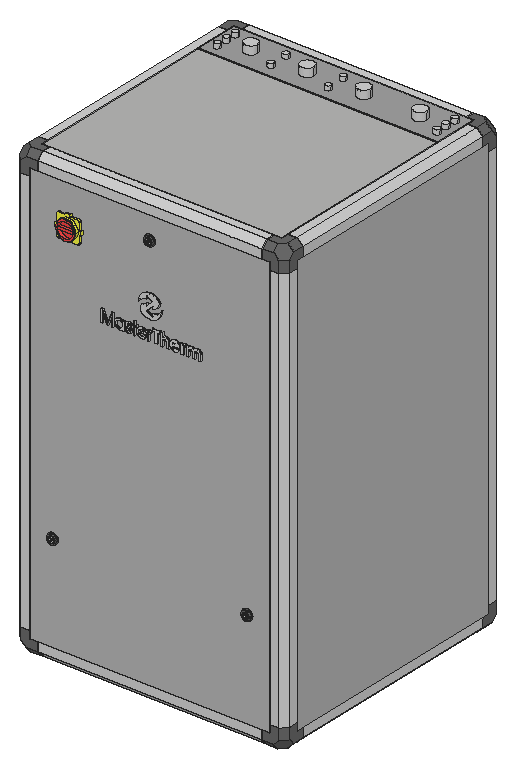
Revit family "AquaMaster-Inverter_ENG-RFA-2022", category Mechanické zařízení, Revit 2022
Family settings
  Kóta kulaté spojky = Použít průměr
  Typ dílu = Normální
  Číslo OmniClass = 23.75.00.00
  Nadpis OmniClass = Climate Control (HVAC)
  Založené na pracovní rovině = Ne
  Vždy vertikální = Ano
  Ořezat dutým tvarem při načtení = Ne
  Zachovat orientaci poznámky = Ne
  Sdílené = Ne
  Bod výpočtu místnosti = Ne
Parameters (values of type "AQ90I")
  Výrobce = "Master Therm"  # constant formula
  Výchozí výška = 0.00 mm
  URL = "https://www.mastertherm.eu/aquamaster-inverter-heat-pump"
  Popis = "Ground-to-water heat pump"  # constant formula
  Model = if(MT_TYPE = 17, "AquaMaster Inverter 17I", if(MT_TYPE = 22, "AquaMaster Inverter 22I", if(MT_TYPE = 26, "AquaMaster Inverter 26I", if(MT_TYPE = 30, "AquaMaster Inverter 30I", if(MT_TYPE = 37, "AquaMaster Inverter 37I", if(MT_TYPE = 45, "AquaMaster Inverter 45I", if(MT_TYPE = 60, "AquaMaster Inverter 60I", "AquaMaster Inverter 90I")))))))  # "AquaMaster Inverter 90I"
  MT_weight (kg) = if(MT_TYPE = 17, 60, if(MT_TYPE = 22, 160, if(MT_TYPE = 26, 160, if(MT_TYPE = 30, 160, if(MT_TYPE = 37, 165, if(MT_TYPE = 45, 170, if(MT_TYPE = 60, 190, 210)))))))  # 210
  MT_voltage (V) = if(MT_TYPE < 37, 230 V, 400 V)  # 400 V
  MT_service space_YES [instance] = no
  MT_pipe mat = MT_angle-corner
  MT_pipe connector mat = MT_RGB-130-130-130
  MT_max. current, incl. aux. heater (A) = if(or(MT_TYPE = 17, MT_TYPE = 22), 16 A, if(MT_TYPE = 26, 20 A, if(MT_TYPE = 30, 25 A, if(MT_TYPE = 37, 22 A, if(MT_TYPE = 45, 28 A, if(MT_TYPE = 60, 35 A, 50 A))))))  # 50 A
  MT_frequency (Hz) = 50 Hz  # constant formula
  MT_desuperheater – inlet [instance] = 0.0 L/s
  MT_desuperheater – outlet [instance] = 0.0 L/s
  MT_clearance top = MT_case height + 600.00 mm  # 1800.00 mm
  MT_clearance right = if(MT_case height = 800.00 mm, 600.00 mm, 400.00 mm)  # 400.00 mm
  MT_clearance left = if(MT_case height = 800.00 mm, 200.00 mm, 400.00 mm)  # 400.00 mm
  MT_clearance front = 600.00 mm  # constant formula
  MT_clearance back = 200.00 mm  # constant formula
  MT_apparent power = 0 VA  # constant formula
  MT_active power = 0 W  # constant formula
  MT_hot water – inlet [instance] = 0.0 L/s
  MT_upper vent grille offset_H = if(MT_case height = 1200.00 mm, 175.00 mm, 30.00 mm + MT_case width / 2)  # 175.00 mm
  MT_vent grille_YES = MT_TYPE < 90  # no
  MT_upper vent grille offset_V = if(MT_case height = 1200.00 mm, 200.00 mm, 150.00 mm)  # 200.00 mm
  MT_brine – inlet [instance] = 0.0 L/s
  MT_hot water – outlet [instance] = 0.0 L/s
  MT_power switch_YES = MT_TYPE > 17  # yes
  MT_pipe connector_X = if(MT_case height = 1200.00 mm, MT_case width - 2.00 mm * 40, MT_case height - 2.00 mm * 40)  # 636.00 mm
  MT_pipe connector offset = if(MT_case height = 1200.00 mm, MT_case width - 40.00 mm, MT_case height - 40.00 mm)  # 676.00 mm
  MT_pipe connector_Y = if(MT_case height = 1200.00 mm, 120.00 mm, 85.00 mm)  # 120.00 mm
  MT_pipe connector angle = if(MT_case height = 1200.00 mm, 0.00°, 90.00°)  # 0.00°
  MT_pivot offset = if(MT_case height = 1200.00 mm, 0.00 mm, MT_case width)  # 0.00 mm
  MT_lower vent grille_YES = MT_TYPE = 17  # no
  MT_lock offset_V = if(MT_case height = 1200.00 mm, 300.00 mm, 400.00 mm)  # 300.00 mm
  MT_desuperheater_YES = MT_TYPE = 90  # yes
  MT_desuperheater offset_X = MT_pipe connector_X / 2  # 318.00 mm
  MT_desuperheater diameter = if(MT_TYPE = 90, 15.00 mm, 0.00 mm)  # 15.00 mm
  MT_cover top_Y = MT_cover side_X  # 636.00 mm
  MT_cover top_X = MT_cover front_X  # 636.00 mm
  MT_cover side_Y = MT_cover front_Y  # 1120.00 mm
  MT_cover side_X = MT_case depth - 2.00 mm * 40  # 636.00 mm
  MT_cover front_Y = MT_case height - 2.00 mm * 40  # 1120.00 mm
  MT_cover front_X = MT_case width - 2.00 mm * 40  # 636.00 mm
  MT_upper center lock_YES = MT_TYPE > 17  # yes
  MT_case width = if(MT_TYPE < 90, 526.00 mm, 716.00 mm)  # 716.00 mm
  MT_case mat = MT_RAL9006
  MT_case height = if(MT_TYPE > 17, 1200.00 mm, 800.00 mm)  # 1200.00 mm
  MT_case depth = if(MT_TYPE > 17, 716.00 mm, 526.00 mm)  # 716.00 mm
  MT_angle offset = 60.00 mm  # constant formula
  MT_angle length_Z = MT_case height - 2 * MT_angle offset  # 1080.00 mm
  MT_angle length_Y = MT_case depth - 2 * MT_angle offset  # 596.00 mm
  MT_angle length_X = MT_case width - 2 * MT_angle offset  # 596.00 mm
  MT_brine – outlet [instance] = 0.0 L/s
  MT_TYPE = 90
  MT_EO offset_X = if(MT_case height = 800.00 mm, 100.00 mm, if(MT_case width = 716.00 mm, 393.00 mm, 273.00 mm))  # 393.00 mm
  MT_EO diameter = if(MT_TYPE < 45, 28.00 mm, 35.00 mm)  # 35.00 mm
  MT_EI offset_X = if(MT_case height = 800.00 mm, 320.00 mm, if(MT_case width = 716.00 mm, 543.00 mm, 373.00 mm))  # 543.00 mm
  MT_EI diameter = if(MT_TYPE < 45, 28.00 mm, 35.00 mm)  # 35.00 mm
  MT_EC6 offset_Y = MT_EC3 offset_Y  # 30.00 mm
  MT_EC6 offset_X = if(MT_case width = 716.00 mm, 608.00 mm, 421.00 mm)  # 608.00 mm
  MT_EC6_YES = MT_TYPE > 17  # yes
  MT_EC5 offset_Y = MT_EC2 offset_Y  # 60.00 mm
  MT_EC5 offset_X = if(MT_case height = 800.00 mm, 630.00 mm, if(MT_case width = 716.00 mm, 608.00 mm, 421.00 mm))  # 608.00 mm
  MT_EC4 offset_Y = MT_EC1 offset_Y  # 90.00 mm
  MT_EC4 offset_X = if(MT_case height = 800.00 mm, 560.00 mm, if(MT_case width = 716.00 mm, 608.00 mm, 421.00 mm))  # 608.00 mm
  MT_EC3 offset_Y = if(MT_case height = 1200.00 mm, 30.00 mm, 403.00 mm)  # 30.00 mm
  MT_EC3 offset_X = if(MT_case height = 1200.00 mm, 25.00 mm, 480.00 mm)  # 25.00 mm
  MT_EC2 offset_Y = if(MT_case height = 1200.00 mm, 60.00 mm, 403.00 mm)  # 60.00 mm
  MT_EC2 offset_X = if(MT_case height = 1200.00 mm, 25.00 mm, 410.00 mm)  # 25.00 mm
  MT_EC1 offset_Y = if(MT_case height = 1200.00 mm, 90.00 mm, 403.00 mm)  # 90.00 mm
  MT_EC1 offset_X = if(MT_case height = 1200.00 mm, 25.00 mm, 330.00 mm)  # 25.00 mm
  MT_EC-AQ90I_YES = MT_TYPE = 90  # yes
  MT_EC AQ17I_YES = MT_TYPE = 17  # no
  MT_CosPhi = 0  # constant formula
  MT_CO offset_X = if(MT_case height = 800.00 mm, 660.00 mm, if(MT_case width = 716.00 mm, 243.00 mm, 173.00 mm))  # 243.00 mm
  MT_CO diameter = if(MT_TYPE < 90, 28.00 mm, 35.00 mm)  # 35.00 mm
  MT_CI offset_X = if(MT_case height = 800.00 mm, 440.00 mm, if(MT_case width = 716.00 mm, 93.00 mm, 73.00 mm))  # 93.00 mm
  MT_CI diameter = if(MT_TYPE < 90, 28.00 mm, 35.00 mm)  # 35.00 mm
  Komentáře k typům = "COMPRESSOR: BLDC Inverter Scroll; 30 – 150 rps; charge of POE oil – 1.4 l; max. op. current – 35 A; EVAPORATOR: PHE; AISI316; water flow (W/W) – 3.64 kg/s; min. flow – 3.15 kg/s; brine flow (B/W) – 2.09 kg/s; min. flow – 1.26 kg/s; temp. difference – 3 K; int. volume – 5.1 l; pump ext. head – 5.0 m; pump motor – 310 W; CONDENSER: PHE; AISI316; water flow – 1.50 kg/s; min. flow – 1.12 kg/s; temp. difference – 5 K; int. volume – 4.1 l; pump ext. head – 8.0 m; pump motor – 310 W; REFRIGERANT CIRCUIT: R410a (4.0 kg); AUX. HEATER (optional): 7.5 kW; CONTROLS: controller – pCO5; EEV – 1+1 (EVI); water probe – yes; SHW probe/output – yes (2x); mixing probe/output – yes; outdoor probe – yes; dynamic set point – yes; refrigerant probe – 2xPT; POWER SUPPLY: 3x400 V; 50 Hz; max. current – 40 A; max. current, incl. aux. heater – 50 A; DIMENSIONS: hot water, brine – 5/4\", 5/4\" (OD); 120x72x72 cm; 210 kg; LIMITS: max. water overpress. – 0.25 MPa; max. refr. overpress. – 4.2 MPa; brine min./max.: -5/+20 °C; water min./max.: 20/60 °C"
  El. connection = if(MT_TYPE < 90, "2xPG16; 4xPG13.5", "2xPG21; 2xPG16; 4xPG13.5")  # "2xPG21; 2xPG16; 4xPG13.5"
  EO_brine – outlet = if(MT_TYPE < 45, "1'' (OD)", "5/4'' (OD)")  # "5/4'' (OD)"
  EI_brine – inlet = if(MT_TYPE < 45, "1'' (OD)", "5/4'' (OD)")  # "5/4'' (OD)"
  Desuperheater – inlet/outlet = if(MT_TYPE < 90, "not available", "2xCu Ø15 mm (ID)")  # "2xCu Ø15 mm (ID)"
  Cena = 0
  CO_hot water – outlet = if(MT_TYPE < 90, "1'' (OD)", "5/4'' (OD)")  # "5/4'' (OD)"
  COPYRIGHT = "© Master Therm tepelná čerpadla s. r. o."  # constant formula
  CI_hot water – inlet = if(MT_TYPE < 90, "1'' (OD)", "5/4'' (OD)")  # "5/4'' (OD)"
Reference planes
  plane 1 "Střed (vpředu/vzadu)": y = 0
  plane 2: z = 0
  plane 3 "Střed (vlevo/vpravo)": x = 0
  plane 4 "side_cover": x = 358
  plane 5: x = -358
  plane 6 "front_cover": y = -358
  plane 7: y = 358
  plane 8: z = 1200
  plane 9: z = 60
  plane 10: z = 1140
  plane 11: x = -298
  plane 12: x = 298
  plane 13: y = -298
  plane 14: y = 298
  plane 15: z = 600
  plane 16 "MT_pivot point": x = -358
Forms (mm)
  Extrusion 1, solid, material "MT_RAL9006" <- "MT_case mat"
    sketch origin (0, 0, 0) x (1, 0, 0) y (0, 1, 0)
      loop
        line (-318, 318) -> (-318, -318) -> (318, -318) -> (318, 318) -> (-318, 318)
    from 0 to 1200 <- "MT_case height"
  Extrusion 2, solid, material "MT_RAL9006" <- "MT_case mat"
    sketch origin (0, -358, 0) x (-1, 0, 0) y (0, 0, 1)
      loop
        line (318, 1160) -> (-318, 1160) -> (-318, 40) -> (318, 40) -> (318, 1160)
    from 0 to 716 <- "MT_case depth"
  Extrusion 3, solid, material "MT_RAL9006" <- "MT_case mat"
    sketch origin (-358, 660.254, 1200) x (0, 1, 0) y (0, 0, 1)
      loop
        line (-978.254, -40) -> (-978.254, -1160) -> (-342.254, -1160) -> (-342.254, -40) -> (-978.254, -40)
    from 0 to 716 <- "MT_case width"
Lines and regions (mm)
  reference lines
    curve 1: line (-358, 318, 1200) -> (982, 318, 1200)
    curve 2: line (-358, 318, 1200) -> (1702, 318, 1200)
    curve 3: line (-758, 558, 0) -> (758, 558, 0)
    curve 4: line (-758, -958, 0) -> (-758, 558, 0)
    curve 5: line (758, -958, 0) -> (-758, -958, 0)
    curve 6: line (758, 558, 0) -> (758, -958, 0)
    curve 7: line (-758, 558, 0) -> (-758, 558, 1800)
    curve 8: line (-758, 558, 1800) -> (758, 558, 1800)
    curve 9: line (758, 558, 0) -> (758, 558, 1800)
    curve 10: line (758, 558, 0) -> (758, 558, 1800)
    curve 11: line (758, 558, 1800) -> (758, -958, 1800)
    curve 12: line (758, -958, 0) -> (758, -958, 1800)
    curve 13: line (-758, 558, 1800) -> (-758, -958, 1800)
    curve 14: line (-758, -958, 0) -> (-758, -958, 1800)
    curve 15: line (-758, -958, 1800) -> (758, -958, 1800)
  model lines, style "MT_service space", visible <- "MT_service space_YES"
    curve 16: line (-758, -958, 1800) -> (758, -958, 1800)
    curve 17: line (-758, 558, 1800) -> (-758, -958, 1800)
    curve 18: line (-758, 558, 1800) -> (758, 558, 1800)
    curve 19: line (758, 558, 1800) -> (758, -958, 1800)
    curve 20: line (758, 558, 0) -> (758, -958, 0)
    curve 21: line (-758, 558, 0) -> (758, 558, 0)
    curve 22: line (758, -958, 0) -> (-758, -958, 0)
    curve 23: line (-758, -958, 0) -> (-758, 558, 0)
    curve 24: line (-758, -958, 0) -> (-758, -958, 1800)
    curve 25: line (-758, 558, 0) -> (-758, 558, 1800)
    curve 26: line (758, -958, 0) -> (758, -958, 1800)
    curve 27: line (758, 558, 0) -> (758, 558, 1800)
Dimensions and locks
  equal spacing: plane 5, plane 3 "Střed (vlevo/vpravo)", plane 4 "side_cover"
  "MT_case width": plane 5 to plane 4 "side_cover"
  equal spacing: plane 7, plane 1 "Střed (vpředu/vzadu)", plane 6 "front_cover"
  "MT_case depth": plane 7 to plane 6 "front_cover"
  "MT_case height": plane 8 to plane 2
  "MT_angle offset": plane 9 to plane 2
  "MT_angle offset": plane 8 to plane 10
  "MT_angle offset": plane 11 to plane 5
  "MT_angle offset": plane 4 "side_cover" to plane 12
  "MT_angle offset": plane 13 to plane 6 "front_cover"
  "MT_angle offset": plane 7 to plane 14
  equal spacing: Extrusion 1 sketch curve, plane 3 "Střed (vlevo/vpravo)", Extrusion 1 sketch curve
  "MT_cover top_X": Extrusion 1 sketch curve to Extrusion 1 sketch curve
  equal spacing: nested 17, plane 1 "Střed (vpředu/vzadu)", Extrusion 1 sketch curve
  "MT_cover top_Y": nested 17 to Extrusion 1 sketch curve
  equal spacing: Extrusion 2 sketch curve, plane 3 "Střed (vlevo/vpravo)", Extrusion 2 sketch curve
  "MT_cover front_X": Extrusion 2 sketch curve to Extrusion 2 sketch curve
  equal spacing: plane 8, plane 15, plane 2
  equal spacing: Extrusion 2 sketch curve, plane 15, Extrusion 2 sketch curve
  "MT_cover front_Y": Extrusion 2 sketch curve to Extrusion 2 sketch curve
  equal spacing: Extrusion 3 sketch curve, plane 15, Extrusion 3 sketch curve
  "MT_cover side_Y": Extrusion 3 sketch curve to Extrusion 3 sketch curve
  "MT_cover side_X": Extrusion 3 sketch curve to Extrusion 3 sketch curve
  equal spacing: Extrusion 3 sketch curve, plane 1 "Střed (vpředu/vzadu)", Extrusion 3 sketch curve
  locked: plane 8 to nested 24 at 100
  "MT_lock offset_V": nested 25 to plane 2
  locked: nested 25 to plane 5 at 100
  locked: plane 4 "side_cover" to nested 26 at 100
  "MT_lock offset_V": nested 26 to plane 2
  locked: nested 21 to plane 8 at 340
  "MT_upper vent grille offset_V": nested 22 to plane 8
  locked: nested 23 to plane 8 at 175
  "MT_upper vent grille offset_H": plane 4 "side_cover" to nested 22
  locked: nested 23 to plane 5 at 175
  "MT_pivot offset": plane 16 "MT_pivot point" to plane 5
  curve 1 to plane 8 = 0.00 mm
  "MT_pipe connector offset": nested 28 to curve 2
  "MT_clearance right": plane 4 "side_cover" to curve 6
  "MT_clearance left": curve 4 to plane 5
  "MT_clearance back": plane 7 to curve 3
  "MT_clearance front": plane 6 "front_cover" to curve 5
  "MT_clearance top": curve 15 to plane 2
  "MT_pipe connector angle": angle curve 2 to curve 1
  aligned and locked: level to plane 2
  aligned and locked: plane 7 to nested 2
  aligned and locked: plane 5 to nested 2
  aligned and locked: plane 6 "front_cover" to nested 3
  aligned and locked: nested 3 to plane 5
  aligned and locked: nested 4 to plane 4 "side_cover"
  aligned and locked: nested 4 to plane 6 "front_cover"
  aligned and locked: plane 4 "side_cover" to nested 5
  aligned and locked: nested 5 to plane 7
  aligned and locked: plane 6 "front_cover" to nested 1
  aligned and locked: nested 1 to plane 5
  aligned and locked: nested 6 to plane 6 "front_cover"
  aligned and locked: nested 6 to plane 4 "side_cover"
  aligned and locked: nested 7 to plane 7
  aligned and locked: plane 4 "side_cover" to nested 7
  aligned and locked: plane 5 to nested 8
  aligned and locked: plane 7 to nested 8
  aligned and locked: plane 8 to nested 6
  aligned and locked: plane 8 to nested 7
  aligned and locked: plane 8 to nested 1
  aligned and locked: plane 8 to nested 8
  aligned and locked: plane 2 to nested 9
  aligned and locked: plane 2 to nested 10
  aligned and locked: plane 2 to nested 11
  aligned and locked: plane 2 to nested 12
  aligned and locked: nested 3 to plane 9
  aligned and locked: nested 2 to plane 9
  aligned and locked: nested 4 to plane 9
  aligned and locked: nested 5 to plane 9
  aligned and locked: nested 13 to plane 11
  aligned and locked: plane 2 to nested 13
  aligned and locked: nested 14 to plane 11
  aligned and locked: plane 8 to nested 14
  aligned and locked: nested 13 to plane 6 "front_cover"
  aligned and locked: plane 6 "front_cover" to nested 14
  aligned and locked: nested 15 to plane 13
  aligned and locked: nested 15 to plane 4 "side_cover"
  aligned and locked: plane 4 "side_cover" to nested 16
  aligned and locked: nested 16 to plane 13
  aligned and locked: plane 2 to nested 16
  aligned and locked: plane 11 to nested 18
  aligned and locked: plane 7 to nested 18
  aligned and locked: plane 11 to nested 17
  aligned and locked: nested 17 to plane 7
  aligned and locked: nested 18 to plane 8
  aligned and locked: nested 17 to plane 2
  aligned and locked: plane 13 to nested 20
  aligned and locked: plane 13 to nested 19
  aligned and locked: nested 19 to plane 5
  aligned and locked: plane 5 to nested 20
  aligned and locked: nested 19 to plane 8
  aligned and locked: nested 20 to plane 2
  aligned and locked: nested 9 to plane 6 "front_cover"
  aligned and locked: plane 6 "front_cover" to nested 10
  aligned and locked: nested 12 to plane 7
  aligned and locked: nested 11 to plane 7
  aligned and locked: plane 5 to nested 11
  aligned and locked: plane 5 to nested 9
  aligned and locked: nested 12 to plane 4 "side_cover"
  aligned and locked: nested 10 to plane 4 "side_cover"
  aligned and locked: plane 8 to nested 15
  aligned and locked: plane 3 "Střed (vlevo/vpravo)" to nested 21
  aligned and locked: plane 16 "MT_pivot point" to curve 1
  aligned and locked: curve 2 to nested 28
  aligned and locked: nested 28 to Extrusion 1
  aligned and locked: curve 8 to curve 15
  aligned and locked: curve 13 to curve 15
  aligned and locked: curve 11 to curve 15
  aligned and locked: curve 16 to curve 15
  aligned and locked: curve 17 to curve 13
  aligned and locked: curve 18 to curve 8
  aligned and locked: curve 19 to curve 11
  aligned and locked: curve 20 to curve 6
  aligned and locked: curve 21 to curve 3
  aligned and locked: curve 22 to curve 5
  aligned and locked: curve 23 to curve 4
  aligned and locked: curve 24 to curve 14
  aligned and locked: curve 25 to curve 7
  aligned and locked: curve 26 to curve 12
  aligned and locked: curve 27 to curve 10
Automatic sketch dimensions
  curve 13 to curve 4 = 0.00 mm  (x2)
  curve 14 to curve 4 = 0.00 mm
  curve 10 to curve 6 = 0.00 mm  (x2)
  curve 6 to curve 12 = 0.00 mm
  curve 12 to curve 6 = 0.00 mm
  curve 7 to curve 3 = 0.00 mm  (x2)
  curve 9 to curve 3 = 0.00 mm  (x2)
  curve 24 to curve 14 = 0.00 mm  (x2)
  curve 14 to curve 25 = 0.00 mm  (x2)
  curve 26 to curve 12 = 0.00 mm  (x2)
  curve 27 to curve 12 = 0.00 mm  (x2)
  plane 14 to Extrusion 1 sketch curve = 20.00 mm
  curve 5 to curve 15 = 0.00 mm  (x2)
Nested families
  nested 1: "MT_corner-cap" at (-298, -358, 1140) x (0, 1, 0) z (0, 0, 1), type "MT_corner-cap"
  nested 2: "MT_angle-cover" at (-358, 318, 60), MT_angle_lenght <- "MT_angle length_Z", type "MT_angle-cover"
    with MT_angle_lenght 1080.00 mm
  nested 3: "MT_angle-cover" at (-318, -358, 60) x (0, 1, 0) z (0, 0, 1), MT_angle_lenght <- "MT_angle length_Z", type "MT_angle-cover"
    with MT_angle_lenght 1080.00 mm
  nested 4: "MT_angle-cover" at (358, -318, 60) x (-1, 0, 0) z (0, 0, 1), MT_angle_lenght <- "MT_angle length_Z", type "MT_angle-cover"
    with MT_angle_lenght 1080.00 mm
  nested 5: "MT_angle-cover" at (318, 358, 60) x (0, -1, 0) z (0, 0, 1), MT_angle_lenght <- "MT_angle length_Z", type "MT_angle-cover"
    with MT_angle_lenght 1080.00 mm
  nested 6: "MT_corner-cap" at (358, -298, 1140) x (-1, 0, 0) z (0, 0, 1), type "MT_corner-cap"
  nested 7: "MT_corner-cap" at (298, 358, 1140) x (0, -1, 0) z (0, 0, 1), type "MT_corner-cap"
  nested 8: "MT_corner-cap" at (-358, 298, 1140), type "MT_corner-cap"
  nested 9: "MT_corner-cap" at (-298, -358, 60) x (0, 1, 0) z (0, 0, -1), type "MT_corner-cap"
  nested 10: "MT_corner-cap" at (358, -298, 60) x (-1, 0, 0) z (0, 0, -1), type "MT_corner-cap"
  nested 11: "MT_corner-cap" at (-358, 298, 60) x (1, 0, 0) z (0, 0, -1), type "MT_corner-cap"
  nested 12: "MT_corner-cap" at (298, 358, 60) x (0, -1, 0) z (0, 0, -1), type "MT_corner-cap"
  nested 13: "MT_angle-cover" at (-298, -318, 0) x (0, 0, 1) z (1, 0, 0), MT_angle_lenght <- "MT_angle length_X", type "MT_angle-cover"
    with MT_angle_lenght 596.00 mm
  nested 14: "MT_angle-cover" at (-298, -358, 1160) x (0, 1, 0) z (1, 0, 0), MT_angle_lenght <- "MT_angle length_X", type "MT_angle-cover"
    with MT_angle_lenght 596.00 mm
  nested 15: "MT_angle-cover" at (358, -298, 1160) x (-1, 0, 0) z (0, 1, 0), MT_angle_lenght <- "MT_angle length_Y", type "MT_angle-cover"
    with MT_angle_lenght 596.00 mm
  nested 16: "MT_angle-cover" at (318, -298, 0) x (0, 0, 1) z (0, 1, 0), MT_angle_lenght <- "MT_angle length_Y", type "MT_angle-cover"
    with MT_angle_lenght 596.00 mm
  nested 17: "MT_angle-cover" at (-298, 318, 0) x (0, 0, 1) z (1, 0, 0), MT_angle_lenght <- "MT_angle length_X", type "MT_angle-cover"
    with MT_angle_lenght 596.00 mm
  nested 18: "MT_angle-cover" at (-298, 358, 1160) x (0, -1, 0) z (1, 0, 0), MT_angle_lenght <- "MT_angle length_X", type "MT_angle-cover"
    with MT_angle_lenght 596.00 mm
  nested 19: "MT_angle-cover" at (-358, -298, 1160) x (1, 0, 0) z (0, 1, 0), MT_angle_lenght <- "MT_angle length_Y", type "MT_angle-cover"
    with MT_angle_lenght 596.00 mm
  nested 20: "MT_angle-cover" at (-318, -298, 0) x (0, 0, 1) z (0, 1, 0), MT_angle_lenght <- "MT_angle length_Y", type "MT_angle-cover"
    with MT_angle_lenght 596.00 mm
  nested 21: "MT_logo" at (-127.744, -358, 860) x (1, 0, 0) z (0, -1, 0), type "MT_logo"
  nested 22: "MT_vent-grille" at (183, -358, 1000) x (1, 0, 0) z (0, -1, 0), visible <- "MT_vent grille_YES", type "MT_vent-grille"
  nested 23: "MT_power-switch" at (-243, -358, 1025) x (1, 0, 0) z (0, -1, 0), visible <- "MT_power switch_YES", type "MT_power-switch"
  nested 24: "MT_case-lock" at (0, -358, 1100) x (1, 0, 0) z (0, -1, 0), visible <- "MT_upper center lock_YES", type "MT_case-lock"
  nested 25: "MT_case-lock" at (-258, -358, 300) x (1, 0, 0) z (0, -1, 0), type "MT_case-lock"
  nested 26: "MT_case-lock" at (258, -358, 300) x (-1, 0, 0) z (0, -1, 0), type "MT_case-lock"
  nested 27: "MT_vent-grille" at (-30, -358, 310) x (1, 0, 0) z (0, -1, 0), visible <- "MT_lower vent grille_YES", type "MT_vent-grille"
  nested 28: "MT_pipe connector" at (-318, 318, 1200), type "MT_pipe connector"
Connectors
  piping at (225, 258, 1221), diameter 35, driven by "MT_CI diameter", driven by "MT_hot water – inlet", driven by "CI_hot water – inlet"
    settings: on nested 28, index 1, connector inside diameter 609.60 mm, connector length 0.00 mm, flow factor 1, pipe flow 0.0 L/s, pressure drop 0.0 Pa, fitting loss kfactor 0, connector angle 0.00°, fixture units 0, engagement length 0.00 mm, angle of deflection 0.00°, flow configuration 2, flow direction 1, fitting loss method 0, system type 29, joint type 0, gender type 0, connector reference index -1, connector utility 0, adjustable connector no, is connector primary yes, connector description "5/4'' (OD)"
  piping at (75, 258, 1221), diameter 35, driven by "MT_CO diameter", driven by "MT_hot water – outlet", driven by "CO_hot water – outlet"
    settings: on nested 28, index 2, connector inside diameter 609.60 mm, connector length 0.00 mm, flow factor 1, pipe flow 0.0 L/s, pressure drop 0.0 Pa, fitting loss kfactor 0, connector angle 0.00°, fixture units 0, engagement length 0.00 mm, angle of deflection 0.00°, flow configuration 2, flow direction 2, fitting loss method 0, system type 29, joint type 0, gender type 0, connector reference index -1, connector utility 0, adjustable connector no, is connector primary no, connector description "5/4'' (OD)"
  piping at (0, 283, 1210), diameter 15, driven by "MT_desuperheater diameter", driven by "MT_desuperheater – outlet", driven by "Desuperheater – inlet/outlet"
    settings: on nested 28, index 3, connector inside diameter 609.60 mm, connector length 0.00 mm, flow factor 1, pipe flow 0.0 L/s, pressure drop 0.0 Pa, fitting loss kfactor 0, connector angle 0.00°, fixture units 0, engagement length 0.00 mm, angle of deflection 0.00°, flow configuration 2, flow direction 2, fitting loss method 0, system type 29, joint type 0, gender type 0, connector reference index -1, connector utility 0, adjustable connector no, is connector primary no, connector description "2xCu Ø15 mm (ID)"
  piping at (0, 233, 1210), diameter 15, driven by "MT_desuperheater diameter", driven by "MT_desuperheater – inlet", driven by "Desuperheater – inlet/outlet"
    settings: on nested 28, index 4, connector inside diameter 609.60 mm, connector length 0.00 mm, flow factor 1, pipe flow 0.0 L/s, pressure drop 0.0 Pa, fitting loss kfactor 0, connector angle 0.00°, fixture units 0, engagement length 0.00 mm, angle of deflection 0.00°, flow configuration 2, flow direction 1, fitting loss method 0, system type 29, joint type 0, gender type 0, connector reference index -1, connector utility 0, adjustable connector no, is connector primary no, connector description "2xCu Ø15 mm (ID)"
  piping at (-75, 258, 1221), diameter 35, driven by "MT_EO diameter", driven by "MT_brine – outlet", driven by "EO_brine – outlet"
    settings: on nested 28, index 5, connector inside diameter 609.60 mm, connector length 0.00 mm, flow factor 0, pipe flow 0.0 L/s, pressure drop 0.0 Pa, fitting loss kfactor 0, connector angle 0.00°, fixture units 0, engagement length 0.00 mm, angle of deflection 0.00°, flow configuration 1, flow direction 2, fitting loss method 0, system type 29, joint type 0, gender type 0, connector reference index -1, connector utility 0, adjustable connector no, is connector primary no, connector description "5/4'' (OD)"
  piping at (-225, 258, 1221), diameter 35, driven by "MT_EI diameter", driven by "MT_brine – inlet", driven by "EI_brine – inlet"
    settings: on nested 28, index 6, connector inside diameter 609.60 mm, connector length 0.00 mm, flow factor 0, pipe flow 0.0 L/s, pressure drop 0.0 Pa, fitting loss kfactor 0, connector angle 0.00°, fixture units 0, engagement length 0.00 mm, angle of deflection 0.00°, flow configuration 1, flow direction 1, fitting loss method 0, system type 29, joint type 0, gender type 0, connector reference index -1, connector utility 0, adjustable connector no, is connector primary no, connector description "5/4'' (OD)"
  electrical at (293, 228, 1211), driven by "MT_voltage (V)", driven by "MT_apparent power", driven by "MT_CosPhi", driven by "El. connection"
    settings: on nested 28, index 7, voltage 400 V, apparent load 0 VA, apparent load phase1 0 VA, apparent load phase2 0 VA, apparent load phase3 0 VA, power factor 0, load classification "Další", number of poles 1, system type 30, power factor state 1, is connector primary yes, connector utility no, sub classification motor no, connector description "2xPG21; 2xPG16; 4xPG13.5"
Definition of nested family "MT_corner-cap"
  Parameters (values of type "MT_corner-cap")
    Default Elevation = 0.00 mm
    MT_corner-cap = none
  Reference planes
    plane 1 "Střed (vpředu/vzadu)": y = 0
    plane 2: z = 0
    plane 3 "Střed (vlevo/vpravo)": x = 0
    plane 4: y = 44
    plane 5: x = 16
    plane 6 "cp1": through (-50.749, 80.749, 1200) normal (0.7071, 0.7071, 0)
    plane 7: through (30, 44, 1200) normal (0.7071, -0.7071, 0)
  Forms (mm)
    Extrusion 1, solid, material <- "MT_corner-cap"
      sketch origin (0, 0, 0) x (1, 0, 0) y (0, 1, 0)
        loop
          line (60, 60) -> (0, 60) -> (0, 0) -> (60, 0) -> (60, 60)
      from 0 to 60
    Extrusion 2, void
      sketch origin (0, 0, 0) x (1, 0, 0) y (0, 1, 0)
        loop
          line (40, 20) -> (40, 0) -> (60, 0) -> (60, 20) -> (40, 20)
      from 0 to 60
    Extrusion 3, void
      sketch origin (0, 0, 0) x (1, 0, 0) y (0, 0, 1)
        loop
          line (16, 60) -> (0, 60) -> (0, 44) -> (16, 60)
      from 0 to -60
    Extrusion 4, void
      sketch origin (0, 0, 0) x (0, 1, 0) y (0, 0, 1)
        loop
          line (44, 60) -> (60, 44) -> (60, 60) -> (44, 60)
      from 0 to 60
    Extrusion 5, void
      sketch origin (0, 0, 0) x (1, 0, 0) y (0, 1, 0)
        loop
          line (16, 60) -> (0, 60) -> (0, 44) -> (16, 60)
      from 0 to 60
    Extrusion 6, void
      sketch origin (0, 0, 0) x (0, 1, 0) y (0, 0, 1)
        loop
          line (0, 0) -> (20, 0) -> (20, 20) -> (0, 20) -> (0, 0)
      from 0 to 60
    Extrusion 7, void
      sketch origin (0, 0, 0) x (1, 0, 0) y (0, 0, 1)
        loop
          line (60, 0) -> (60, 20) -> (40, 20) -> (40, 0) -> (60, 0)
      from 0 to -60
    Extrusion 8, void
      sketch origin (15, 15, 0) x (-0.707107, 0.707107, 0) y (0, 0, 1)
        loop
          line (9.899, 60) -> (31.113, 29.704) -> (31.113, 60) -> (9.899, 60)
      from -50 to 60
  Cuts and joins
    Extrusion 2, Extrusion 3, Extrusion 4, Extrusion 5, Extrusion 6, Extrusion 7, Extrusion 8 cuts Extrusion 1
  Dimensions and locks
    aligned and locked: level to plane 2
Definition of nested family "MT_angle-cover"
  Parameters (values of type "MT_angle-cover")
    Default Elevation = 0.00 mm
    MT_angle_lenght [instance] = 500.00 mm
    MT_angle-corner = none
  Reference planes
    plane 1 "Střed (vpředu/vzadu)": y = 0
    plane 2: z = 0
    plane 3 "Střed (vlevo/vpravo)": x = 0
    plane 4: through (2.328, 26.328, 1200) normal (-0.7071, 0.7071, 0)
    plane 5: z = 500
  Forms (mm)
    Extrusion 1, solid, material <- "MT_angle-corner"
      sketch origin (0, 0, 0) x (1, 0, 0) y (0, 1, 0)
        loop
          line (40, 0) -> (40, 40) -> (0, 40) -> (0, 0) -> (40, 0)
      from 0 to 500
    Extrusion 2, void
      sketch origin (0, 0, 0) x (1, 0, 0) y (0, 1, 0)
        loop
          line (16, 40) -> (0, 40) -> (0, 24) -> (16, 40)
      from 0 to 500
  Cuts and joins
    Extrusion 2 cuts Extrusion 1
  Dimensions and locks
    "MT_angle_lenght": plane 5 to plane 2
    aligned and locked: level to plane 2
    aligned and locked: plane 5 to cut or joined group of Extrusion 1, Extrusion 2
    aligned and locked: Extrusion 1 to Extrusion 2
  Automatic sketch dimensions
    plane 1 "Střed (vpředu/vzadu)" to Extrusion 1 sketch curve = 0.00 mm
    Extrusion 1 sketch curve to plane 3 "Střed (vlevo/vpravo)" = 0.00 mm
    plane 3 "Střed (vlevo/vpravo)" to Extrusion 1 sketch curve = 40.00 mm
    Extrusion 1 sketch curve to plane 1 "Střed (vpředu/vzadu)" = 40.00 mm
    Extrusion 2 sketch curve to plane 3 "Střed (vlevo/vpravo)" = 0.00 mm
    Extrusion 2 sketch curve to plane 4 = 0.00 mm  (x2)
    plane 3 "Střed (vlevo/vpravo)" to Extrusion 2 sketch curve = 16.00 mm
Definition of nested family "MT_logo"
  Parameters (values of type "MT_logo")
    Default Elevation = 1219.20 mm
    MT_logo_thickness = 2.00 mm  # constant formula
    MT_logo-mat = none
  Reference planes
    plane 1 "Střed (vpředu/vzadu)": y = 0
    plane 2: z = 0
    plane 3 "Střed (vlevo/vpravo)": x = 0
    plane 4: z = 500
  Forms (mm)
    Extrusion 1, solid, material <- "MT_logo-mat"
      sketch origin (0, 0, 0) x (1, 0, 0) y (0, 1, 0)
        loop
          line (121.917, 83.115) -> (121.917, 89.033)
          spline (121.917, 89.033) -> (110.145, 82.837) -> (105.846, 77.019) -> (105.128, 68.563) -> (108.491, 61.778) -> (115.441, 56.783) -> (123.535, 53.995) -> (131.475, 53.389) -> (140.079, 54.8) -> (147.361, 58.494) -> (153.914, 64.28) -> (158.046, 70.722) -> (161.285, 84.245)
          spline (161.285, 84.245) -> (159.714, 81.035) -> (158.469, 78.973) -> (157.232, 77.31) -> (155.703, 75.688) -> (154.145, 74.345) -> (152.518, 73.263) -> (150.782, 72.272) -> (149.103, 71.471) -> (147.157, 70.679) -> (145.071, 69.992) -> (142.28, 69.29) -> (137.169, 68.49)
          line (137.169, 68.49) -> (137.169, 62.54) -> (122.426, 71.891) -> (137.508, 86.378) -> (137.508, 81.245)
          spline (137.508, 81.245) -> (148.499, 86.345) -> (153.768, 92.083) -> (155.179, 100.068) -> (150.966, 107.004) -> (143.87, 111.829) -> (136.075, 114.436) -> (127.817, 115.037) -> (119.6, 113.109) -> (112.274, 109.305) -> (106.232, 103.604) -> (102.088, 96.604) -> (99.294, 87.5)
          spline (99.294, 87.5) -> (101.565, 90.388) -> (102.94, 91.895) -> (104.349, 93.203) -> (105.825, 94.353) -> (107.436, 95.41) -> (109.18, 96.419) -> (110.713, 97.202) -> (112.43, 97.92) -> (114.46, 98.648) -> (116.41, 99.244) -> (118.729, 99.788) -> (122.07, 100.334)
          line (122.07, 100.334) -> (122.07, 105.76) -> (137.041, 97.426) -> (121.917, 83.115)
        loop
          line (0, 1.019) -> (3.59, 1.019) -> (3.59, 28.94) -> (14.436, 1.019) -> (17.898, 1.019) -> (28.975, 28.825) -> (28.975, 1.019) -> (32.206, 1.019) -> (32.206, 33.78) -> (27.245, 33.78) -> (16.398, 6.228) -> (5.274, 33.78) -> (0, 33.78) -> (0, 1.019)
        loop
          spline (48.751, 23.273) -> (46.388, 22.939) -> (44.186, 21.958) -> (42.296, 20.397) -> (40.845, 18.364) -> (39.933, 15.995) -> (39.622, 13.454) -> (39.933, 10.912) -> (40.845, 8.544) -> (42.296, 6.51) -> (44.186, 4.95) -> (46.388, 3.969) -> (48.751, 3.634)
          spline (48.751, 3.634) -> (51.114, 3.969) -> (53.316, 4.95) -> (55.207, 6.51) -> (56.657, 8.544) -> (57.57, 10.912) -> (57.881, 13.454) -> (57.57, 15.995) -> (56.657, 18.364) -> (55.207, 20.397) -> (53.316, 21.958) -> (51.114, 22.939) -> (48.751, 23.273)
        loop
          line (57.881, 4.324) -> (57.881, 1.019) -> (61.48, 1.019) -> (61.48, 25.889) -> (57.881, 25.889) -> (57.881, 22.583)
          arc (57.881, 22.583) -> (35.84, 13.454) -> (57.881, 4.324) r 12.911
        loop
          line (86.125, 22.492) -> (86.125, 1.019) -> (89.717, 1.019) -> (89.717, 22.492) -> (94.365, 22.492) -> (94.365, 25.974) -> (89.717, 25.974) -> (89.717, 33.78) -> (86.125, 33.78) -> (86.125, 25.974) -> (81.583, 25.974) -> (81.583, 22.492) -> (86.125, 22.492)
        loop
          spline (120.897, 12.309) -> (120.024, 18.831) -> (116.177, 24.119) -> (110.308, 26.865) -> (103.866, 26.393) -> (98.443, 22.817) -> (95.38, 17.023) -> (95.433, 10.441) -> (98.589, 4.698) -> (104.069, 1.214) -> (110.518, 0.85) -> (116.342, 3.694) -> (120.103, 9.046)
          line (120.103, 9.046) -> (115.947, 9.046)
          arc (115.947, 9.046) -> (106.228, 4.674) -> (98.794, 12.309) r 9.292
          line (98.794, 12.309) -> (120.897, 12.309)
        loop
          arc (117.067, 15.67) -> (107.965, 23.094) -> (98.863, 15.67) r 9.292
          line (98.863, 15.67) -> (117.067, 15.67)
        loop
          line (127.532, 23.758) -> (127.532, 25.763) -> (124.152, 25.763) -> (124.152, 1.019) -> (127.744, 1.019) -> (127.744, 17.742)
          arc (127.744, 17.742) -> (129.492, 21.42) -> (133.448, 22.386) r 4.742
          line (133.448, 22.386) -> (133.448, 26.185)
          arc (133.448, 26.185) -> (130.172, 25.746) -> (127.532, 23.758) r 6.521
        loop
          line (142.488, 27.585) -> (142.488, 1.019) -> (149.221, 1.019) -> (149.221, 27.585) -> (155.139, 27.585) -> (155.139, 33.78) -> (136.199, 33.78) -> (136.199, 27.585) -> (142.488, 27.585)
        loop
          line (163.722, 23.699) -> (163.722, 33.78) -> (157.581, 33.78) -> (157.581, 1.019) -> (163.722, 1.019) -> (163.722, 15.196) -> (164.016, 16.209) -> (164.307, 17.043)
          spline (164.307, 17.043) -> (165.574, 19.017) -> (166.288, 19.627) -> (167.046, 19.939) -> (167.922, 20.095) -> (168.858, 20.117) -> (169.737, 20.047) -> (170.514, 19.896) -> (171.213, 19.639) -> (171.861, 19.183) -> (172.492, 18.376) -> (173.129, 16.993) -> (173.784, 14.722)
          line (173.784, 14.722) -> (173.784, 1.019) -> (179.925, 1.019) -> (179.925, 17.901) -> (179.719, 18.903) -> (179.478, 19.785) -> (179.206, 20.559)
          spline (179.206, 20.559) -> (177.54, 23.133) -> (176.649, 24.126) -> (175.805, 24.812) -> (174.74, 25.392) -> (173.552, 25.805) -> (172.356, 26.102) -> (171.177, 26.31) -> (169.954, 26.379) -> (168.782, 26.283) -> (167.632, 25.964) -> (166.13, 25.259) -> (163.722, 23.699)
        loop
          line (201.474, 9.046) -> (208.133, 9.046)
          arc (208.133, 9.046) -> (182.997, 16.783) -> (208.746, 11.428) r 13.164
          line (208.746, 11.428) -> (189.256, 11.428)
          arc (189.256, 11.428) -> (194.561, 6.116) -> (201.474, 9.046) r 6.713
        loop
          arc (218.123, 16.511) -> (220.269, 19.589) -> (223.891, 20.572) r 5.496
          line (223.891, 20.572) -> (223.891, 26.204)
          arc (223.891, 26.204) -> (220.639, 25.706) -> (217.926, 23.846) r 7.389
          line (217.926, 23.846) -> (217.926, 25.877) -> (212.223, 25.877) -> (212.223, 1.019) -> (218.123, 1.019) -> (218.123, 16.511)
        loop
          line (247.851, 22.442) -> (246.299, 24.112) -> (244.867, 25.185) -> (242.957, 26.02) -> (240.37, 26.418) -> (238.261, 26.418) -> (236.152, 26.02) -> (234.401, 25.145) -> (232.689, 23.615) -> (232.689, 26.083) -> (226.986, 26.083) -> (226.986, 1.019) -> (232.748, 1.019) -> (232.748, 14.448) -> (233.34, 17.357)
          spline (233.34, 17.357) -> (234.506, 19.355) -> (235.184, 19.986) -> (235.918, 20.326) -> (236.775, 20.516) -> (237.696, 20.576) -> (238.565, 20.544) -> (239.338, 20.427) -> (240.037, 20.203) -> (240.695, 19.781) -> (241.35, 19.012) -> (242.035, 17.676) -> (242.775, 15.466)
          line (242.775, 15.466) -> (242.86, 14.628) -> (242.86, 1.019) -> (248.975, 1.019) -> (248.975, 14.569) -> (249.557, 17.438)
          spline (249.557, 17.438) -> (250.835, 19.335) -> (251.546, 19.906) -> (252.3, 20.191) -> (253.167, 20.318) -> (254.083, 20.313) -> (254.93, 20.222) -> (255.671, 20.053) -> (256.335, 19.782) -> (256.987, 19.317) -> (257.707, 18.521) -> (258.378, 17.179) -> (258.676, 14.994)
          line (258.676, 14.994) -> (258.676, 1.019) -> (264.674, 1.019) -> (264.674, 17.434)
          arc (264.674, 17.434) -> (258.13, 26.21) -> (247.851, 22.442) r 9.157
        loop
          arc (202.325, 16.381) -> (195.967, 21.024) -> (189.609, 16.381) r 6.674
          line (189.609, 16.381) -> (202.325, 16.381)
        loop
          line (68.145, 9.214) -> (64.677, 9.214)
          spline (64.677, 9.214) -> (66.736, 2.941) -> (70.193, 0.755) -> (74.263, 0.624) -> (78.153, 2.473) -> (80.209, 6.016) -> (80.272, 10.226) -> (77.925, 13.665) -> (74.022, 15.517) -> (70.206, 17.334) -> (69.88, 21.172) -> (73.486, 23.019) -> (76.3, 19.489)
          line (76.3, 19.489) -> (80.206, 19.489)
          spline (80.206, 19.489) -> (78.17, 24.592) -> (74.379, 26.486) -> (70.2, 26.139) -> (66.87, 23.387) -> (65.595, 19.397) -> (66.987, 15.501) -> (70.465, 13.143) -> (74.571, 10.894) -> (76.598, 7.617) -> (74.259, 4.16) -> (70.271, 4.49) -> (68.145, 9.214)
      from 0 to 2 <- "MT_logo_thickness"
  Dimensions and locks
    plane 4 to plane 2 = 500.00 mm
    aligned and locked: level to plane 2
Definition of nested family "MT_vent-grille"
  Parameters (values of type "MT_vent-grille")
    Default Elevation = 0.00 mm
    MT_vent grille mat = none
  Reference planes
    plane 1 "Střed (vpředu/vzadu)": y = 0
    plane 2: z = 0
    plane 3 "Střed (vlevo/vpravo)": x = 0
    plane 4: y = 0
    plane 5: y = 0
    plane 6: y = 15
    plane 7: y = 30
    plane 8: y = 45
    plane 9: y = 60
    plane 10: y = 75
  Forms (mm)
    Revolve 1, solid, material <- "MT_vent grille mat"
      sketch origin (29.178, 0, 1200) x (1, 0, 0) y (0, 0, 1)
        loop
          arc (30.822, -1200) -> (26.978, -1196.222) -> (21.784, -1194.782) r 10.758
          line (21.784, -1194.782) -> (21.784, -1200) -> (30.822, -1200)
        axis (21.784, -1194.782) -> (21.784, -1200)
      angle from 0 to 90
    Extrusion 2, solid, material <- "MT_vent grille mat"
      sketch origin (0, 0, 0) x (0, 1, 0) y (0, 0, 1)
        loop
          line (0, 5.218) -> (0, 0) -> (9.038, 0)
          arc (9.038, 0) -> (5.194, 3.778) -> (0, 5.218) r 10.758
      from 9.038 to 50.962
    Revolve 3, solid, material <- "MT_vent grille mat"
      sketch origin (28.882, 0, 1200) x (1, 0, 0) y (0, 0, 1)
        loop
          line (-28.882, -1200) -> (-19.844, -1200) -> (-19.844, -1194.782)
          arc (-19.844, -1194.782) -> (-25.038, -1196.222) -> (-28.882, -1200) r 10.758
        axis (-19.844, -1194.782) -> (-19.844, -1200)
      angle from 0 to 90
    Revolve 4, solid, not visible
      sketch origin (29.178, 0, 1200) x (1, 0, 0) y (0, 0, 1)
        loop
          arc (30.822, -1200) -> (26.978, -1196.222) -> (21.784, -1194.782) r 10.758
          line (21.784, -1194.782) -> (21.784, -1200) -> (30.822, -1200)
        axis (21.784, -1194.782) -> (21.784, -1200)
      angle from 0 to 90
    Extrusion 5, solid, not visible
      sketch origin (0, 0, 0) x (0, 1, 0) y (0, 0, 1)
        loop
          line (0, 5.218) -> (0, 0) -> (9.038, 0)
          arc (9.038, 0) -> (5.194, 3.778) -> (0, 5.218) r 10.758
      from 9.038 to 50.962
    Revolve 6, solid, not visible
      sketch origin (28.882, 0, 1200) x (1, 0, 0) y (0, 0, 1)
        loop
          line (-28.882, -1200) -> (-19.844, -1200) -> (-19.844, -1194.782)
          arc (-19.844, -1194.782) -> (-25.038, -1196.222) -> (-28.882, -1200) r 10.758
        axis (-19.844, -1194.782) -> (-19.844, -1200)
      angle from 0 to 90
    Revolve 7, solid, material <- "MT_vent grille mat"
      sketch origin (29.178, 15, 1200) x (1, 0, 0) y (0, 0, 1)
        loop
          arc (30.822, -1200) -> (26.978, -1196.222) -> (21.784, -1194.782) r 10.758
          line (21.784, -1194.782) -> (21.784, -1200) -> (30.822, -1200)
        axis (21.784, -1194.782) -> (21.784, -1200)
      angle from 0 to 90
    Extrusion 8, solid, material <- "MT_vent grille mat"
      sketch origin (0, 15, 0) x (0, 1, 0) y (0, 0, 1)
        loop
          line (0, 5.218) -> (0, 0) -> (9.038, 0)
          arc (9.038, 0) -> (5.194, 3.778) -> (0, 5.218) r 10.758
      from 9.038 to 50.962
    Revolve 9, solid, material <- "MT_vent grille mat"
      sketch origin (28.882, 15, 1200) x (1, 0, 0) y (0, 0, 1)
        loop
          line (-28.882, -1200) -> (-19.844, -1200) -> (-19.844, -1194.782)
          arc (-19.844, -1194.782) -> (-25.038, -1196.222) -> (-28.882, -1200) r 10.758
        axis (-19.844, -1194.782) -> (-19.844, -1200)
      angle from 0 to 90
    Revolve 10, solid, material <- "MT_vent grille mat"
      sketch origin (29.178, 30, 1200) x (1, 0, 0) y (0, 0, 1)
        loop
          arc (30.822, -1200) -> (26.978, -1196.222) -> (21.784, -1194.782) r 10.758
          line (21.784, -1194.782) -> (21.784, -1200) -> (30.822, -1200)
        axis (21.784, -1194.782) -> (21.784, -1200)
      angle from 0 to 90
    Extrusion 11, solid, material <- "MT_vent grille mat"
      sketch origin (0, 30, 0) x (0, 1, 0) y (0, 0, 1)
        loop
          line (0, 5.218) -> (0, 0) -> (9.038, 0)
          arc (9.038, 0) -> (5.194, 3.778) -> (0, 5.218) r 10.758
      from 9.038 to 50.962
    Revolve 12, solid, material <- "MT_vent grille mat"
      sketch origin (28.882, 30, 1200) x (1, 0, 0) y (0, 0, 1)
        loop
          line (-28.882, -1200) -> (-19.844, -1200) -> (-19.844, -1194.782)
          arc (-19.844, -1194.782) -> (-25.038, -1196.222) -> (-28.882, -1200) r 10.758
        axis (-19.844, -1194.782) -> (-19.844, -1200)
      angle from 0 to 90
    Revolve 13, solid, material <- "MT_vent grille mat"
      sketch origin (29.178, 45, 1200) x (1, 0, 0) y (0, 0, 1)
        loop
          arc (30.822, -1200) -> (26.978, -1196.222) -> (21.784, -1194.782) r 10.758
          line (21.784, -1194.782) -> (21.784, -1200) -> (30.822, -1200)
        axis (21.784, -1194.782) -> (21.784, -1200)
      angle from 0 to 90
    Extrusion 14, solid, material <- "MT_vent grille mat"
      sketch origin (0, 45, 0) x (0, 1, 0) y (0, 0, 1)
        loop
          line (0, 5.218) -> (0, 0) -> (9.038, 0)
          arc (9.038, 0) -> (5.194, 3.778) -> (0, 5.218) r 10.758
      from 9.038 to 50.962
    Revolve 15, solid, material <- "MT_vent grille mat"
      sketch origin (28.882, 45, 1200) x (1, 0, 0) y (0, 0, 1)
        loop
          line (-28.882, -1200) -> (-19.844, -1200) -> (-19.844, -1194.782)
          arc (-19.844, -1194.782) -> (-25.038, -1196.222) -> (-28.882, -1200) r 10.758
        axis (-19.844, -1194.782) -> (-19.844, -1200)
      angle from 0 to 90
    Revolve 16, solid, material <- "MT_vent grille mat"
      sketch origin (29.178, 60, 1200) x (1, 0, 0) y (0, 0, 1)
        loop
          arc (30.822, -1200) -> (26.978, -1196.222) -> (21.784, -1194.782) r 10.758
          line (21.784, -1194.782) -> (21.784, -1200) -> (30.822, -1200)
        axis (21.784, -1194.782) -> (21.784, -1200)
      angle from 0 to 90
    Extrusion 17, solid, material <- "MT_vent grille mat"
      sketch origin (0, 60, 0) x (0, 1, 0) y (0, 0, 1)
        loop
          line (0, 5.218) -> (0, 0) -> (9.038, 0)
          arc (9.038, 0) -> (5.194, 3.778) -> (0, 5.218) r 10.758
      from 9.038 to 50.962
    Revolve 18, solid, material <- "MT_vent grille mat"
      sketch origin (28.882, 60, 1200) x (1, 0, 0) y (0, 0, 1)
        loop
          line (-28.882, -1200) -> (-19.844, -1200) -> (-19.844, -1194.782)
          arc (-19.844, -1194.782) -> (-25.038, -1196.222) -> (-28.882, -1200) r 10.758
        axis (-19.844, -1194.782) -> (-19.844, -1200)
      angle from 0 to 90
    Revolve 19, solid, material <- "MT_vent grille mat"
      sketch origin (29.178, 75, 1200) x (1, 0, 0) y (0, 0, 1)
        loop
          arc (30.822, -1200) -> (26.978, -1196.222) -> (21.784, -1194.782) r 10.758
          line (21.784, -1194.782) -> (21.784, -1200) -> (30.822, -1200)
        axis (21.784, -1194.782) -> (21.784, -1200)
      angle from 0 to 90
    Extrusion 20, solid, material <- "MT_vent grille mat"
      sketch origin (0, 75, 0) x (0, 1, 0) y (0, 0, 1)
        loop
          line (0, 5.218) -> (0, 0) -> (9.038, 0)
          arc (9.038, 0) -> (5.194, 3.778) -> (0, 5.218) r 10.758
      from 9.038 to 50.962
    Revolve 21, solid, material <- "MT_vent grille mat"
      sketch origin (28.882, 75, 1200) x (1, 0, 0) y (0, 0, 1)
        loop
          line (-28.882, -1200) -> (-19.844, -1200) -> (-19.844, -1194.782)
          arc (-19.844, -1194.782) -> (-25.038, -1196.222) -> (-28.882, -1200) r 10.758
        axis (-19.844, -1194.782) -> (-19.844, -1200)
      angle from 0 to 90
  Cuts and joins
    joined: Revolve 1, Extrusion 2, Revolve 3
    joined: Revolve 7, Extrusion 8, Revolve 9
    joined: Revolve 10, Extrusion 11, Revolve 12
    joined: Revolve 13, Extrusion 14, Revolve 15
    joined: Revolve 16, Extrusion 17, Revolve 18
    joined: Revolve 19, Extrusion 20, Revolve 21
  Dimensions and locks
    equal spacing: group 2, group 3, group 4, group 5, group 6, group 7  (x3)
    aligned and locked: level to plane 2
    aligned and locked: Extrusion 2 to Revolve 1
    aligned and locked: Extrusion 2 to Revolve 3
    aligned and locked: Extrusion 8 to Revolve 7
    aligned and locked: Extrusion 8 to Revolve 9
    aligned and locked: Extrusion 11 to Revolve 10
    aligned and locked: Extrusion 11 to Revolve 12
    aligned and locked: Extrusion 14 to Revolve 13
    aligned and locked: Extrusion 14 to Revolve 15
    aligned and locked: Extrusion 17 to Revolve 16
    aligned and locked: Extrusion 17 to Revolve 18
    aligned and locked: Extrusion 20 to Revolve 19
    aligned and locked: Extrusion 20 to Revolve 21
Definition of nested family "MT_power-switch"
  Parameters (values of type "MT_power-switch")
    Default Elevation = 0.00 mm
    MT_power-switch_Y = none
    MT_power-switch_R = none
  Reference planes
    plane 1 "Střed (vpředu/vzadu)": y = 0
    plane 2: z = 0
    plane 3 "Střed (vlevo/vpravo)": x = 0
    plane 4: y = 0
    plane 5: y = 1196.123
  Forms (mm)
    Revolve 1, solid, not visible
      sketch origin (29.178, 0, 1200) x (1, 0, 0) y (0, 0, 1)
        loop
          arc (30.822, -1200) -> (26.978, -1196.222) -> (21.784, -1194.782) r 10.758
          line (21.784, -1194.782) -> (21.784, -1200) -> (30.822, -1200)
        axis (21.784, -1194.782) -> (21.784, -1200)
      angle from 0 to 90
    Extrusion 2, solid, not visible
      sketch origin (0, 0, 0) x (0, 1, 0) y (0, 0, 1)
        loop
          line (0, 5.218) -> (0, 0) -> (9.038, 0)
          arc (9.038, 0) -> (5.194, 3.778) -> (0, 5.218) r 10.758
      from 9.038 to 50.962
    Revolve 3, solid, not visible
      sketch origin (28.882, 0, 1200) x (1, 0, 0) y (0, 0, 1)
        loop
          line (-28.882, -1200) -> (-19.844, -1200) -> (-19.844, -1194.782)
          arc (-19.844, -1194.782) -> (-25.038, -1196.222) -> (-28.882, -1200) r 10.758
        axis (-19.844, -1194.782) -> (-19.844, -1200)
      angle from 0 to 90
    Extrusion 4, solid, material <- "MT_power-switch_Y"
      sketch origin (-390.448, -1166.199, 0) x (1, 0, 0) y (0, 1, 0)
        loop
          arc (390.448, 1171.199) -> (391.912, 1167.664) -> (395.448, 1166.199) r 5
          line (395.448, 1166.199) -> (445.448, 1166.199)
          arc (445.448, 1166.199) -> (448.983, 1167.664) -> (450.448, 1171.199) r 5
          line (450.448, 1171.199) -> (450.448, 1191.123) -> (454.58, 1191.123) -> (454.58, 1201.123) -> (450.448, 1201.123) -> (450.448, 1221.199)
          arc (450.448, 1221.199) -> (448.983, 1224.735) -> (445.448, 1226.199) r 5
          line (445.448, 1226.199) -> (425.448, 1226.199) -> (425.448, 1231.199) -> (415.448, 1231.199) -> (415.448, 1226.199) -> (395.448, 1226.199)
          arc (395.448, 1226.199) -> (391.912, 1224.735) -> (390.448, 1221.199) r 5
          line (390.448, 1221.199) -> (390.448, 1201.123) -> (386.316, 1201.123) -> (386.316, 1191.123) -> (390.448, 1191.123) -> (390.448, 1171.199)
      from 0 to 5
    Extrusion 5, solid, material <- "MT_power-switch_R"
      sketch origin (-390.448, -1166.199, 5) x (1, 0, 0) y (0, 1, 0)
        loop
          circle (420.448, 1196.199) r 25
        loop
          circle (420.448, 1196.199) r 21
      from 0 to 10
    Extrusion 6, solid, material <- "MT_power-switch_R"
      sketch origin (-390.448, -1166.199, 5) x (1, 0, 0) y (0, 1, 0)
        loop
          line (441.078, 1200.123) -> (399.818, 1200.123)
          arc (399.818, 1200.123) -> (399.448, 1196.122) -> (399.847, 1192.123) r 21
          line (399.847, 1192.123) -> (441.048, 1192.123)
          arc (441.048, 1192.123) -> (441.448, 1196.122) -> (441.078, 1200.123) r 21
      from 0 to 10
    Extrusion 7, solid, material <- "MT_power-switch_R"
      sketch origin (-390.448, -1166.199, 5) x (1, 0, 0) y (0, 1, 0)
        loop
          circle (420.448, 1196.199) r 21
      from 0 to 1
    Extrusion 8, solid, material <- "MT_power-switch_Y"
      sketch origin (-390.448, -1141.199, 5) x (1, 0, 0) y (0, 1, 0)
        loop
          circle (420.448, 1171.199) r 26
        loop
          circle (420.448, 1171.199) r 25
      from 0 to 7
  Dimensions and locks
    aligned and locked: level to plane 2
Definition of nested family "MT_case-lock"
  Parameters (values of type "MT_case-lock")
    Default Elevation = 0.00 mm
    MT_corner-cap = none
    MT_angle-corner = none
  Reference planes
    plane 1 "Střed (vpředu/vzadu)": y = 0
    plane 2: z = 0
    plane 3 "Střed (vlevo/vpravo)": x = 0
    plane 4: y = 0
  Forms (mm)
    Revolve 1, solid, not visible
      sketch origin (29.178, 0, 1200) x (1, 0, 0) y (0, 0, 1)
        loop
          arc (30.822, -1200) -> (26.978, -1196.222) -> (21.784, -1194.782) r 10.758
          line (21.784, -1194.782) -> (21.784, -1200) -> (30.822, -1200)
        axis (21.784, -1194.782) -> (21.784, -1200)
      angle from 0 to 90
    Extrusion 2, solid, not visible
      sketch origin (0, 0, 0) x (0, 1, 0) y (0, 0, 1)
        loop
          line (0, 5.218) -> (0, 0) -> (9.038, 0)
          arc (9.038, 0) -> (5.194, 3.778) -> (0, 5.218) r 10.758
      from 9.038 to 50.962
    Revolve 3, solid, not visible
      sketch origin (28.882, 0, 1200) x (1, 0, 0) y (0, 0, 1)
        loop
          line (-28.882, -1200) -> (-19.844, -1200) -> (-19.844, -1194.782)
          arc (-19.844, -1194.782) -> (-25.038, -1196.222) -> (-28.882, -1200) r 10.758
        axis (-19.844, -1194.782) -> (-19.844, -1200)
      angle from 0 to 90
    Extrusion 4, solid, material <- "MT_corner-cap"
      sketch origin (0, 0, 0) x (1, 0, 0) y (0, 1, 0)
        loop
          circle (0, 0) r 14
      from 0 to 1
    Extrusion 5, solid, material <- "MT_corner-cap"
      sketch origin (0, 0, 1) x (1, 0, 0) y (0, 1, 0)
        loop
          circle (0, 0) r 11
        loop
          circle (0, 0) r 8
      from 0 to 5
    Extrusion 6, solid, material <- "MT_angle-corner"
      sketch origin (0, 0, 1) x (1, 0, 0) y (0, 1, 0)
        loop
          arc (-5.396, -1.506) -> (0, -5.602) -> (5.396, -1.506) r 5.602
          line (5.396, -1.506) -> (6.952, -1.506) -> (6.952, 1.506) -> (5.396, 1.506)
          arc (5.396, 1.506) -> (0, 5.602) -> (-5.396, 1.506) r 5.602
          line (-5.396, 1.506) -> (-6.952, 1.506) -> (-6.952, -1.506) -> (-5.396, -1.506)
        loop
          circle (0, 0) r 7.8
      from 0 to 5
    Extrusion 7, solid, material <- "MT_angle-corner"
      sketch origin (0, 0, 1) x (1, 0, 0) y (0, 1, 0)
        loop
          circle (0, 0) r 1.2
      from 0 to 2
  Dimensions and locks
    aligned and locked: level to plane 2
Definition of nested family "MT_pipe connector"
  Parameters (values of type "MT_pipe connector")
    Default Elevation = 0.00 mm
    MT_pipe connector_X2 = 636.00 mm
    MT_pipe connector_Y2 = 120.00 mm
    MT_electric connector_YES2 = no
    MT_desuperheater_YES = yes
    MT_desuperheater offset_X2 = 318.00 mm
    MT_pipe plate mat = none
    MT_pipe mat = none
    MT_EO offset_X2 = 393.00 mm
    MT_EO diameter = 35.00 mm
    MT_EC6_YES2 = yes
    MT_EC6_Y2 = 30.00 mm
    MT_EC6_X2 = 608.00 mm
    MT_EC5_Y2 = 60.00 mm
    MT_EC5_X2 = 608.00 mm
    MT_EC4_Y2 = 90.00 mm
    MT_EC4_X2 = 608.00 mm
    MT_EC3_Y2 = 30.00 mm
    MT_EC3_X2 = 25.00 mm
    MT_EC2_Y2 = 60.00 mm
    MT_EC2_X2 = 25.00 mm
    MT_EC1_Y2 = 90.00 mm
    MT_EI offset_X2 = 543.00 mm
    MT_EI diameter = 35.00 mm
    MT_EC1_X2 = 25.00 mm
    MT_EC-AQ90I_YES = yes
    MT_CO offset_X2 = 243.00 mm
    MT_CO diameter = 35.00 mm
    MT_CI offset_X2 = 93.00 mm
    MT_CI diameter = 35.00 mm
  Reference planes
    plane 1 "Střed (vpředu/vzadu)": y = 0
    plane 2: z = 0
    plane 3 "Střed (vlevo/vpravo)": x = 0
    plane 4: y = 0
  Forms (mm)
    Revolve 1, solid, not visible
      sketch origin (29.178, 0, 1200) x (1, 0, 0) y (0, 0, 1)
        loop
          arc (30.822, -1200) -> (26.978, -1196.222) -> (21.784, -1194.782) r 10.758
          line (21.784, -1194.782) -> (21.784, -1200) -> (30.822, -1200)
        axis (21.784, -1194.782) -> (21.784, -1200)
      angle from 0 to 90
    Extrusion 2, solid, not visible
      sketch origin (0, 0, 0) x (0, 1, 0) y (0, 0, 1)
        loop
          line (0, 5.218) -> (0, 0) -> (9.038, 0)
          arc (9.038, 0) -> (5.194, 3.778) -> (0, 5.218) r 10.758
      from 9.038 to 50.962
    Revolve 3, solid, not visible
      sketch origin (28.882, 0, 1200) x (1, 0, 0) y (0, 0, 1)
        loop
          line (-28.882, -1200) -> (-19.844, -1200) -> (-19.844, -1194.782)
          arc (-19.844, -1194.782) -> (-25.038, -1196.222) -> (-28.882, -1200) r 10.758
        axis (-19.844, -1194.782) -> (-19.844, -1200)
      angle from 0 to 90
    Extrusion 4, solid, material <- "MT_pipe plate mat"
      sketch origin (0, 0, 0) x (1, 0, 0) y (0, 1, 0)
        loop
          line (0, -120) -> (636, -120) -> (636, 0) -> (0, 0) -> (0, -120)
      from 0 to 1
    Extrusion 5, solid, material <- "MT_pipe mat"
      sketch origin (0, 0, 1) x (1, 0, 0) y (0, 1, 0)
        loop
          circle (543, -60) r 17.5
      from 0 to 20
    Extrusion 6, solid, material <- "MT_pipe mat"
      sketch origin (0, 0, 1) x (1, 0, 0) y (0, 1, 0)
        loop
          circle (393, -60) r 17.5
      from 0 to 20
    Extrusion 7, solid, material <- "MT_pipe plate mat", visible <- "MT_electric connector_YES2"
      sketch origin (0, 0, 0) x (1, 0, 0) y (0, 1, 0)
        loop
          line (0, -481) -> (636, -481) -> (636, -361) -> (0, -361) -> (0, -481)
      from 0 to 2
    Extrusion 8, solid, material <- "MT_pipe mat"
      sketch origin (0, 0, 1) x (1, 0, 0) y (0, 1, 0)
        loop
          circle (243, -60) r 17.5
      from 0 to 20
    Extrusion 9, solid, material <- "MT_pipe mat"
      sketch origin (0, 0, 1) x (1, 0, 0) y (0, 1, 0)
        loop
          circle (93, -60) r 17.5
      from 0 to 20
    Extrusion 10, solid, material <- "MT_pipe mat"
      sketch origin (0, 0, 1) x (1, 0, 0) y (0, 1, 0)
        loop
          circle (611, -90) r 8
      from 0 to 10
    Extrusion 11, solid, material <- "MT_pipe mat"
      sketch origin (0, 30.126, 1) x (1, 0, 0) y (0, 1, 0)
        loop
          circle (611, -90.126) r 8
      from 0 to 10
    Extrusion 12, solid, material <- "MT_pipe mat"
      sketch origin (0, 60.126, 1) x (1, 0, 0) y (0, 1, 0)
        loop
          circle (611, -90.126) r 8
      from 0 to 10
    Extrusion 13, solid, material <- "MT_pipe mat"
      sketch origin (-375, 0, 1) x (1, 0, 0) y (0, 1, 0)
        loop
          circle (403, -90) r 8
      from 0 to 10
    Extrusion 14, solid, material <- "MT_pipe mat"
      sketch origin (-375, 40, 1) x (1, 0, 0) y (0, 1, 0)
        loop
          circle (403, -100) r 8
      from 0 to 10
    Extrusion 15, solid, material <- "MT_pipe mat", visible <- "MT_EC6_YES2"
      sketch origin (-375, 70, 1) x (1, 0, 0) y (0, 1, 0)
        loop
          circle (403, -100) r 8
      from 0 to 10
    Extrusion 16, solid, visible <- "MT_desuperheater_YES"
      sketch origin (0, 0, 0) x (1, 0, 0) y (0, 1, 0)
        loop
          circle (318, -35) r 7.5
        loop
          circle (318, -85) r 7.5
      from 0 to 10
    Extrusion 17, solid, visible <- "MT_EC-AQ90I_YES"
      sketch origin (-155, 0, 0) x (1, 0, 0) y (0, 1, 0)
        loop
          circle (321, -35) r 7.5
        loop
          circle (321, -85) r 7.5
      from 0 to 10
  Dimensions and locks
    "MT_pipe connector_X2": Extrusion 4 sketch curve to Extrusion 4 sketch curve
    "MT_pipe connector_Y2": Extrusion 4 sketch curve to Extrusion 4 sketch curve
    "MT_CI offset_X2": Extrusion 5 sketch curve to Extrusion 4
    locked: plane 1 "Střed (vpředu/vzadu)" to Extrusion 5 sketch curve at 60
    locked: plane 1 "Střed (vpředu/vzadu)" to Extrusion 6 sketch curve at 60
    "MT_CO offset_X2": Extrusion 6 sketch curve to Extrusion 4
    "MT_pipe connector_X2": Extrusion 7 sketch curve to Extrusion 7 sketch curve
    "MT_pipe connector_Y2": Extrusion 7 sketch curve to Extrusion 7 sketch curve
